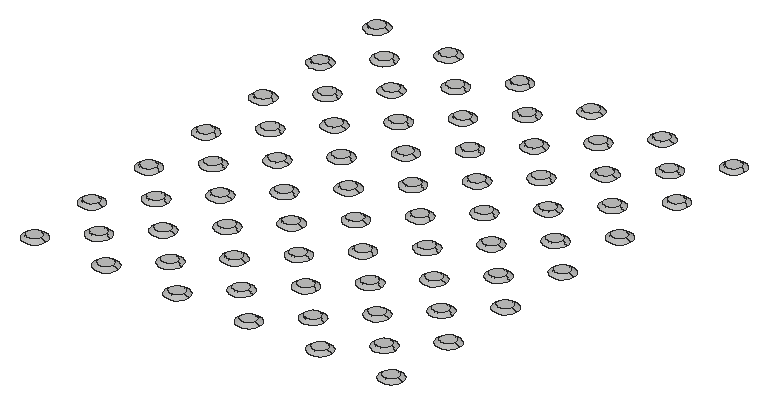
Revit family "Taktila - Farefelt - NCS3000", category Generic Models, host Face, Revit 2023
Family settings
  Host = Face
  Can host rebar = No
  Round Connector Dimension = Use Diameter
  Part Type = Normal
  Cut with Voids When Loaded = No
  Maintain Annotation Orientation = No
  Shared = No
  Room Calculation Point = No
Parameters (values of type "500mm")
  Width = 500 mm
  Sklisikkerhet [instance] = "R10 (Ihht. DIN 51130-2104)"
  Number_of_Brackets_2 = (Width / Bracket_Spacing)  # 5
  Number_of_Brackets_1 = roundup(Width / Bracket_Spacing)  # 6
  Mål [instance] = "600xWidth (Ø: 30mm / H: 3,6mm)"
  Materiale [instance] = "Resirkulert nylon plast. PA 15%gf"
  Innfesting [instance] = "3M™ VHB™ tape"
  Farge [instance] = "NCS3000-N - Lys Grå"
  EDP [instance] = "Miljødeklarasjon"
  Default Elevation = 0 mm
  Bracket_Spacing = 95 mm
Types (16, lengths in mm): name | Width | Sklisikkerhet | Number_of_Brackets_2 | Number_of_Brackets_1 | Mål | Materiale | Innfesting | Farge | EDP
  500mm | 500 | "R10 (Ihht. DIN 51130-2104)" | 5 | 6 | "600xWidth (Ø: 30mm / H: 3,6mm)" | "Resirkulert nylon plast. PA 15%gf" | "3M™ VHB™ tape" | "NCS3000-N - Lys Grå" | "Miljødeklarasjon"
  600mm | 600 | "" | 6 | 7 | "" | "" | "" | "" | ""
  700mm | 700 | "" | 7 | 8 | "" | "" | "" | "" | ""
  800mm | 800 | "" | 8 | 9 | "" | "" | "" | "" | ""
  900mm | 900 | "" | 9 | 10 | "" | "" | "" | "" | ""
  1000mm | 1000 | "" | 11 | 11 | "" | "" | "" | "" | ""
  1100mm | 1100 | "" | 12 | 12 | "" | "" | "" | "" | ""
  1200mm | 1200 | "" | 13 | 13 | "" | "" | "" | "" | ""
  1300mm | 1300 | "" | 14 | 14 | "" | "" | "" | "" | ""
  1400mm | 1400 | "" | 15 | 15 | "" | "" | "" | "" | ""
  1500mm | 1500 | "" | 16 | 16 | "" | "" | "" | "" | ""
  1600mm | 1600 | "" | 17 | 17 | "" | "" | "" | "" | ""
  1700mm | 1700 | "" | 18 | 18 | "" | "" | "" | "" | ""
  1800mm | 1800 | "" | 19 | 19 | "" | "" | "" | "" | ""
  1900mm | 1900 | "" | 20 | 20 | "" | "" | "" | "" | ""
  2000mm | 2000 | "" | 21 | 22 | "" | "" | "" | "" | ""
Reference planes
  plane 1 "Center (Front/Back)": y = 0
  plane 2: z = 0
  plane 3 "Center (Left/Right)": x = 0
Lines and regions (mm)
  reference lines
    curve 1: line (500, 0, 0) -> (500, -1520, 0)
Dimensions and locks
  "Width": plane 3 "Center (Left/Right)" to curve 1
  equal spacing: group 1, group 2, group 3, group 4, group 5, group 6  (x3)
  equal spacing: group 7, group 8, group 9, group 10, group 11  (x3)
  aligned and locked: plane 2 to host face
  aligned and locked: level to host face
Automatic sketch dimensions
  host sketch curve to host sketch curve = 2438.4 mm  (x2)
  plane 1 "Center (Front/Back)" to curve 1 = 0 mm
  curve 1 to curve 1 = 1520 mm
Nested families
  nested 1: "Taktila - Objekt 1 - Knotter - (Ø30) - NCS3000" at (0, 0, 0), type "Taktila - Objekt 1 - Knotter - (Ø30) - NCS3000"
  nested 2: "Taktila - Objekt 1 - Knotter - (Ø30) - NCS3000" at (0, -95, 0), type "Taktila - Objekt 1 - Knotter - (Ø30) - NCS3000"
  nested 3: "Taktila - Objekt 1 - Knotter - (Ø30) - NCS3000" at (0, -190, 0), type "Taktila - Objekt 1 - Knotter - (Ø30) - NCS3000"
  nested 4: "Taktila - Objekt 1 - Knotter - (Ø30) - NCS3000" at (0, -285, 0), type "Taktila - Objekt 1 - Knotter - (Ø30) - NCS3000"
  nested 5: "Taktila - Objekt 1 - Knotter - (Ø30) - NCS3000" at (0, -380, 0), type "Taktila - Objekt 1 - Knotter - (Ø30) - NCS3000"
  nested 6: "Taktila - Objekt 1 - Knotter - (Ø30) - NCS3000" at (0, -475, 0), type "Taktila - Objekt 1 - Knotter - (Ø30) - NCS3000"
  nested 7: "Taktila - Objekt 1 - Knotter - (Ø30) - NCS3000" at (0, -570, 0), type "Taktila - Objekt 1 - Knotter - (Ø30) - NCS3000"
  nested 8: "Taktila - Objekt 1 - Knotter - (Ø30) - NCS3000" at (95, 0, 0), type "Taktila - Objekt 1 - Knotter - (Ø30) - NCS3000"
  nested 9: "Taktila - Objekt 1 - Knotter - (Ø30) - NCS3000" at (95, -95, 0), type "Taktila - Objekt 1 - Knotter - (Ø30) - NCS3000"
  nested 10: "Taktila - Objekt 1 - Knotter - (Ø30) - NCS3000" at (95, -190, 0), type "Taktila - Objekt 1 - Knotter - (Ø30) - NCS3000"
  nested 11: "Taktila - Objekt 1 - Knotter - (Ø30) - NCS3000" at (95, -285, 0), type "Taktila - Objekt 1 - Knotter - (Ø30) - NCS3000"
  nested 12: "Taktila - Objekt 1 - Knotter - (Ø30) - NCS3000" at (95, -380, 0), type "Taktila - Objekt 1 - Knotter - (Ø30) - NCS3000"
  nested 13: "Taktila - Objekt 1 - Knotter - (Ø30) - NCS3000" at (95, -475, 0), type "Taktila - Objekt 1 - Knotter - (Ø30) - NCS3000"
  nested 14: "Taktila - Objekt 1 - Knotter - (Ø30) - NCS3000" at (95, -570, 0), type "Taktila - Objekt 1 - Knotter - (Ø30) - NCS3000"
  nested 15: "Taktila - Objekt 1 - Knotter - (Ø30) - NCS3000" at (190, 0, 0), type "Taktila - Objekt 1 - Knotter - (Ø30) - NCS3000"
  nested 16: "Taktila - Objekt 1 - Knotter - (Ø30) - NCS3000" at (190, -95, 0), type "Taktila - Objekt 1 - Knotter - (Ø30) - NCS3000"
  nested 17: "Taktila - Objekt 1 - Knotter - (Ø30) - NCS3000" at (190, -190, 0), type "Taktila - Objekt 1 - Knotter - (Ø30) - NCS3000"
  nested 18: "Taktila - Objekt 1 - Knotter - (Ø30) - NCS3000" at (190, -285, 0), type "Taktila - Objekt 1 - Knotter - (Ø30) - NCS3000"
  nested 19: "Taktila - Objekt 1 - Knotter - (Ø30) - NCS3000" at (190, -380, 0), type "Taktila - Objekt 1 - Knotter - (Ø30) - NCS3000"
  nested 20: "Taktila - Objekt 1 - Knotter - (Ø30) - NCS3000" at (190, -475, 0), type "Taktila - Objekt 1 - Knotter - (Ø30) - NCS3000"
  nested 21: "Taktila - Objekt 1 - Knotter - (Ø30) - NCS3000" at (190, -570, 0), type "Taktila - Objekt 1 - Knotter - (Ø30) - NCS3000"
  nested 22: "Taktila - Objekt 1 - Knotter - (Ø30) - NCS3000" at (285, 0, 0), type "Taktila - Objekt 1 - Knotter - (Ø30) - NCS3000"
  nested 23: "Taktila - Objekt 1 - Knotter - (Ø30) - NCS3000" at (285, -95, 0), type "Taktila - Objekt 1 - Knotter - (Ø30) - NCS3000"
  nested 24: "Taktila - Objekt 1 - Knotter - (Ø30) - NCS3000" at (285, -190, 0), type "Taktila - Objekt 1 - Knotter - (Ø30) - NCS3000"
  nested 25: "Taktila - Objekt 1 - Knotter - (Ø30) - NCS3000" at (285, -285, 0), type "Taktila - Objekt 1 - Knotter - (Ø30) - NCS3000"
  nested 26: "Taktila - Objekt 1 - Knotter - (Ø30) - NCS3000" at (285, -380, 0), type "Taktila - Objekt 1 - Knotter - (Ø30) - NCS3000"
  nested 27: "Taktila - Objekt 1 - Knotter - (Ø30) - NCS3000" at (285, -475, 0), type "Taktila - Objekt 1 - Knotter - (Ø30) - NCS3000"
  nested 28: "Taktila - Objekt 1 - Knotter - (Ø30) - NCS3000" at (285, -570, 0), type "Taktila - Objekt 1 - Knotter - (Ø30) - NCS3000"
  nested 29: "Taktila - Objekt 1 - Knotter - (Ø30) - NCS3000" at (380, 0, 0), type "Taktila - Objekt 1 - Knotter - (Ø30) - NCS3000"
  nested 30: "Taktila - Objekt 1 - Knotter - (Ø30) - NCS3000" at (380, -95, 0), type "Taktila - Objekt 1 - Knotter - (Ø30) - NCS3000"
  nested 31: "Taktila - Objekt 1 - Knotter - (Ø30) - NCS3000" at (380, -190, 0), type "Taktila - Objekt 1 - Knotter - (Ø30) - NCS3000"
  nested 32: "Taktila - Objekt 1 - Knotter - (Ø30) - NCS3000" at (380, -285, 0), type "Taktila - Objekt 1 - Knotter - (Ø30) - NCS3000"
  nested 33: "Taktila - Objekt 1 - Knotter - (Ø30) - NCS3000" at (380, -380, 0), type "Taktila - Objekt 1 - Knotter - (Ø30) - NCS3000"
  nested 34: "Taktila - Objekt 1 - Knotter - (Ø30) - NCS3000" at (380, -475, 0), type "Taktila - Objekt 1 - Knotter - (Ø30) - NCS3000"
  nested 35: "Taktila - Objekt 1 - Knotter - (Ø30) - NCS3000" at (380, -570, 0), type "Taktila - Objekt 1 - Knotter - (Ø30) - NCS3000"
  nested 36: "Taktila - Objekt 1 - Knotter - (Ø30) - NCS3000" at (475, 0, 0), type "Taktila - Objekt 1 - Knotter - (Ø30) - NCS3000"
  nested 37: "Taktila - Objekt 1 - Knotter - (Ø30) - NCS3000" at (475, -95, 0), type "Taktila - Objekt 1 - Knotter - (Ø30) - NCS3000"
  nested 38: "Taktila - Objekt 1 - Knotter - (Ø30) - NCS3000" at (475, -190, 0), type "Taktila - Objekt 1 - Knotter - (Ø30) - NCS3000"
  nested 39: "Taktila - Objekt 1 - Knotter - (Ø30) - NCS3000" at (475, -285, 0), type "Taktila - Objekt 1 - Knotter - (Ø30) - NCS3000"
  nested 40: "Taktila - Objekt 1 - Knotter - (Ø30) - NCS3000" at (475, -380, 0), type "Taktila - Objekt 1 - Knotter - (Ø30) - NCS3000"
  nested 41: "Taktila - Objekt 1 - Knotter - (Ø30) - NCS3000" at (475, -475, 0), type "Taktila - Objekt 1 - Knotter - (Ø30) - NCS3000"
  nested 42: "Taktila - Objekt 1 - Knotter - (Ø30) - NCS3000" at (475, -570, 0), type "Taktila - Objekt 1 - Knotter - (Ø30) - NCS3000"
  nested 43: "Taktila - Objekt 1 - Knotter - (Ø30) - NCS3000" at (47.5, -47.5, 0), type "Taktila - Objekt 1 - Knotter - (Ø30) - NCS3000"
  nested 44: "Taktila - Objekt 1 - Knotter - (Ø30) - NCS3000" at (47.5, -142.5, 0), type "Taktila - Objekt 1 - Knotter - (Ø30) - NCS3000"
  nested 45: "Taktila - Objekt 1 - Knotter - (Ø30) - NCS3000" at (47.5, -237.5, 0), type "Taktila - Objekt 1 - Knotter - (Ø30) - NCS3000"
  nested 46: "Taktila - Objekt 1 - Knotter - (Ø30) - NCS3000" at (47.5, -332.5, 0), type "Taktila - Objekt 1 - Knotter - (Ø30) - NCS3000"
  nested 47: "Taktila - Objekt 1 - Knotter - (Ø30) - NCS3000" at (47.5, -427.5, 0), type "Taktila - Objekt 1 - Knotter - (Ø30) - NCS3000"
  nested 48: "Taktila - Objekt 1 - Knotter - (Ø30) - NCS3000" at (47.5, -522.5, 0), type "Taktila - Objekt 1 - Knotter - (Ø30) - NCS3000"
  nested 49: "Taktila - Objekt 1 - Knotter - (Ø30) - NCS3000" at (142.5, -47.5, 0), type "Taktila - Objekt 1 - Knotter - (Ø30) - NCS3000"
  nested 50: "Taktila - Objekt 1 - Knotter - (Ø30) - NCS3000" at (142.5, -142.5, 0), type "Taktila - Objekt 1 - Knotter - (Ø30) - NCS3000"
  nested 51: "Taktila - Objekt 1 - Knotter - (Ø30) - NCS3000" at (142.5, -237.5, 0), type "Taktila - Objekt 1 - Knotter - (Ø30) - NCS3000"
  nested 52: "Taktila - Objekt 1 - Knotter - (Ø30) - NCS3000" at (142.5, -332.5, 0), type "Taktila - Objekt 1 - Knotter - (Ø30) - NCS3000"
  nested 53: "Taktila - Objekt 1 - Knotter - (Ø30) - NCS3000" at (142.5, -427.5, 0), type "Taktila - Objekt 1 - Knotter - (Ø30) - NCS3000"
  nested 54: "Taktila - Objekt 1 - Knotter - (Ø30) - NCS3000" at (142.5, -522.5, 0), type "Taktila - Objekt 1 - Knotter - (Ø30) - NCS3000"
  nested 55: "Taktila - Objekt 1 - Knotter - (Ø30) - NCS3000" at (237.5, -47.5, 0), type "Taktila - Objekt 1 - Knotter - (Ø30) - NCS3000"
  nested 56: "Taktila - Objekt 1 - Knotter - (Ø30) - NCS3000" at (237.5, -142.5, 0), type "Taktila - Objekt 1 - Knotter - (Ø30) - NCS3000"
  nested 57: "Taktila - Objekt 1 - Knotter - (Ø30) - NCS3000" at (237.5, -237.5, 0), type "Taktila - Objekt 1 - Knotter - (Ø30) - NCS3000"
  nested 58: "Taktila - Objekt 1 - Knotter - (Ø30) - NCS3000" at (237.5, -332.5, 0), type "Taktila - Objekt 1 - Knotter - (Ø30) - NCS3000"
  nested 59: "Taktila - Objekt 1 - Knotter - (Ø30) - NCS3000" at (237.5, -427.5, 0), type "Taktila - Objekt 1 - Knotter - (Ø30) - NCS3000"
  nested 60: "Taktila - Objekt 1 - Knotter - (Ø30) - NCS3000" at (237.5, -522.5, 0), type "Taktila - Objekt 1 - Knotter - (Ø30) - NCS3000"
  nested 61: "Taktila - Objekt 1 - Knotter - (Ø30) - NCS3000" at (332.5, -47.5, 0), type "Taktila - Objekt 1 - Knotter - (Ø30) - NCS3000"
  nested 62: "Taktila - Objekt 1 - Knotter - (Ø30) - NCS3000" at (332.5, -142.5, 0), type "Taktila - Objekt 1 - Knotter - (Ø30) - NCS3000"
  nested 63: "Taktila - Objekt 1 - Knotter - (Ø30) - NCS3000" at (332.5, -237.5, 0), type "Taktila - Objekt 1 - Knotter - (Ø30) - NCS3000"
  nested 64: "Taktila - Objekt 1 - Knotter - (Ø30) - NCS3000" at (332.5, -332.5, 0), type "Taktila - Objekt 1 - Knotter - (Ø30) - NCS3000"
  nested 65: "Taktila - Objekt 1 - Knotter - (Ø30) - NCS3000" at (332.5, -427.5, 0), type "Taktila - Objekt 1 - Knotter - (Ø30) - NCS3000"
  nested 66: "Taktila - Objekt 1 - Knotter - (Ø30) - NCS3000" at (332.5, -522.5, 0), type "Taktila - Objekt 1 - Knotter - (Ø30) - NCS3000"
  nested 67: "Taktila - Objekt 1 - Knotter - (Ø30) - NCS3000" at (427.5, -47.5, 0), type "Taktila - Objekt 1 - Knotter - (Ø30) - NCS3000"
  nested 68: "Taktila - Objekt 1 - Knotter - (Ø30) - NCS3000" at (427.5, -142.5, 0), type "Taktila - Objekt 1 - Knotter - (Ø30) - NCS3000"
  nested 69: "Taktila - Objekt 1 - Knotter - (Ø30) - NCS3000" at (427.5, -237.5, 0), type "Taktila - Objekt 1 - Knotter - (Ø30) - NCS3000"
  nested 70: "Taktila - Objekt 1 - Knotter - (Ø30) - NCS3000" at (427.5, -332.5, 0), type "Taktila - Objekt 1 - Knotter - (Ø30) - NCS3000"
  nested 71: "Taktila - Objekt 1 - Knotter - (Ø30) - NCS3000" at (427.5, -427.5, 0), type "Taktila - Objekt 1 - Knotter - (Ø30) - NCS3000"
  nested 72: "Taktila - Objekt 1 - Knotter - (Ø30) - NCS3000" at (427.5, -522.5, 0), type "Taktila - Objekt 1 - Knotter - (Ø30) - NCS3000"
Definition of nested family "Taktila - Objekt 1 - Knotter - (Ø30) - NCS3000"
  Parameters (values of type "Taktila - Objekt 1 - Knotter - (Ø30) - NCS3000")
    Sklisikkerhet [instance] = "R10 (Ihht. DIN 51130-2104)"
    Mål [instance] = "Ø: 30mm / H: 3,6mm"
    Materiale [instance] = "Resirkulert nylon plast. PA 15%gf"
    Material [instance] = none
    Innfesting [instance] = "3M™ VHB™ tape"
    Farge [instance] = "NCS3000-N Lys Grå"
    EDP [instance] = "Miljødeklarasjon"
    Default Elevation = 0 mm
  Reference planes
    plane 1 "Center (Front/Back)": y = 0
    plane 2: z = 0
    plane 3 "Center (Left/Right)": x = 0
  Forms (mm)
    Blend 1, solid, material <- "Material"
      base sketch origin (0, 0, 0) x (1, 0, 0) y (0, 1, 0)
        loop
          circle (0, 0) r 15
      top sketch origin (0, 0, 0) x (1, 0, 0) y (0, 1, 0)
        loop
          circle (0, 0) r 10
      from 0 to 3.6
  Dimensions and locks
    aligned and locked: level to plane 2
